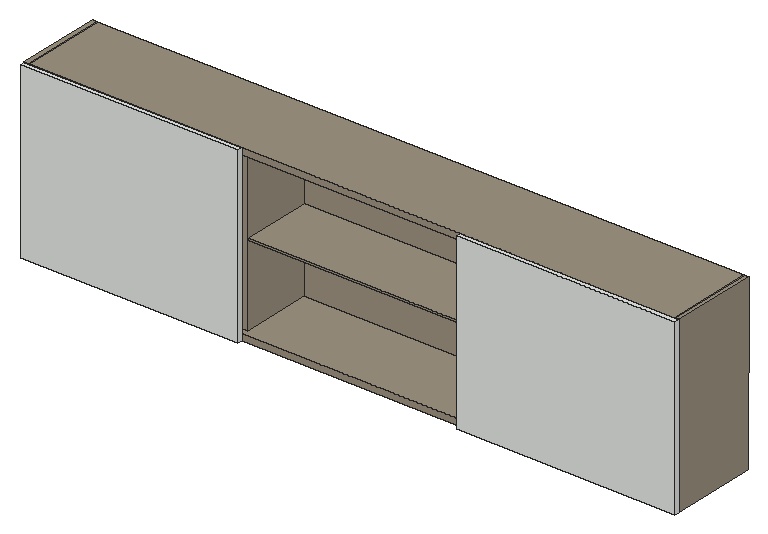
Revit family "Storage-Teknion-COSD_Overhead_Sliding_Door-R2021", category Furniture, Revit 2021
Family settings
  OmniClass Number = 23.40.20.00
  OmniClass Title = General Furniture and Specialties
  Work Plane-Based = No
  Always vertical = Yes
  Cut with Voids When Loaded = No
  Shared = Yes
  Room Calculation Point = No
Parameters (values of type "2H with Knife Visible Shelf Edge")
  Width [instance] = 108.000"
  Warranty = "http://www.teknion.com/ca/papers/legal-canada"
  Unit Weight URL = "http://www.teknion.com/ca/tools/assets#&asset=bee6a381-b954-425e-8283-5a2de3a804f2,f828d448-4b62-4231-9e5f-9a8991c0ed77"
  URL = "www.teknion.com"
  To render please download texture images found here [instance] = "https://assets.teknion.com/web/5e81352c1dfdb467/revit-material-swatches/"
  Sustainability Data = "https://www.teknion.com/ca/tools/assets#&topic=216f99a5-57a0-44fc-b10a-9dee9b29ae4c&asset=444deb64-fe58-4b68-981e-f75e97781df7,b4ff2d81-9f2e-437d-9659-7cffb09c31cf"
  Shelves Finish [instance] = Veneer - Teknion - VN - Brindle
  Series = "Chronicle"  # constant formula
  Product Page URL = "https://www.teknion.com/ca/products/galleries/chronicle-gallery"
  Product Line = "Chronicle"  # constant formula
  Product Documentation Link = "https://www.teknion.com/pricing/chronicle/pdfs/Wall-Mounted_Elements_ppg.pdf"
  Part Number = "COSD"  # constant formula
  Open Shelf Distance [instance] = if(Width = 84.000", Width / 2, Width / 3)  # 36.000"
  Model = "COSD2H15_K"
  Manufacturer Phone = "416-661-3370"  # constant formula
  Manufacturer Fax = "416.661.4586"  # constant formula
  Manufacturer Contact Information = "http://www.teknion.com/ca/contactus"
  Manufacturer Address = "1150 Flint Road, Toronto, ON. M3J 2J5. Canada"  # constant formula
  Manufacturer = "Teknion"  # constant formula
  Knife Shelf Edge = yes
  Knife Shelf Cut out [instance] = if(Knife Shelf Edge, Width, 0.100")  # 108.000"
  Flat Shelf Edge = no
  How To Use Teknion Materials User Guide [instance] = "https://assets.teknion.com/m/205dd0a49fa58060/original/How-to-add-a-Material-Library-and-Texture-Images-to-your-Revit-project.pdf"
  Height = 28.500"
  Front Finish [instance] = Back-Painted Glass - B1 - Teknion - Crisp Grey
  For Additional Finishes please visit [instance] = "https://assets.teknion.com/m/44a8009b046e5d47/original/Teknion_Materials_Library.zip"
  Distance = 8.000"
  Description = "Chronicle Overhead, Sliding Door  , 2H Height with Knife Visible Shelf Edge"
  Default Elevation = 0.000"
  Case Finish [instance] = Veneer - Teknion - Q9 - Mercurial Walnut
  Available Width [instance] = "54,60,66,72,78,84,90,96,102,108 Inch"  # constant formula
  Assembly Code = "E2020200"
  2 Doors [instance] = and(Width > 83.000", Width < 109.000")  # yes
  2H = yes
  1 Door [instance] = Width < 79.000"  # no
Types (4): name | Shelves Finish | Product Page URL | Model | Knife Shelf Edge | Knife Shelf Cut out | Flat Shelf Edge | Height | Front Finish | Distance | Description | Case Finish | 2H
  (no name) | Veneer - Teknion - VN - Brindle | "https://www.teknion.com/ca/products/galleries/chronicle-gallery" | "COSD2H15_K" | yes | 108.000" | no | 28.500" | Back-Painted Glass - B1 - Teknion - Crisp Grey | 8.000" | "Chronicle Overhead, Sliding Door  , 2H Height with Knife Visible Shelf Edge" | Veneer - Teknion - Q9 - Mercurial Walnut | yes
  1H | Veneer - Teknion - VK - Auburn | "https://www.teknion.com/ca/products/product-details?productLineId=2302c16f-8e7a-673b-a6c8-ff05004460c4" | "COSD1H15_" | no | 0.100" | no | 14.750" | Veneer - Teknion - 5N - Flintwood - White Oak | 5.000" | "Chronicle Overhead, Sliding Door  , 1H Height" | Veneer - Teknion - VN - Brindle | no
  2H with Flat Visible Shelf Edge | Veneer -Teknion - UX - Rustic Oak - Brindle | "https://www.teknion.com/ca/products/product-details?productLineId=2302c16f-8e7a-673b-a6c8-ff05004460c4" | "COSD2H15_F" | no | 0.100" | yes | 28.500" | Back-painted Glass - K7 - Teknion - Very White | 8.000" | "Chronicle Overhead, Sliding Door  , 2H Height with Flat Visible Shelf Edge" | Veneer - Teknion - Q9 - Mercurial Walnut | yes
  2H with Knife Visible Shelf Edge | Veneer - Teknion - VN - Brindle | "https://www.teknion.com/ca/products/galleries/chronicle-gallery" | "COSD2H15_K" | yes | 108.000" | no | 28.500" | Back-Painted Glass - B1 - Teknion - Crisp Grey | 8.000" | "Chronicle Overhead, Sliding Door  , 2H Height with Knife Visible Shelf Edge" | Veneer - Teknion - Q9 - Mercurial Walnut | yes
Reference planes (in)
  plane 1 "Center Front/Back": y = -1357.5
  plane 2: z = 0
  plane 3 "Center Left/Right": x = 1104
  plane 4 "Left": x = 1050
  plane 5 "Right": x = 1158
  plane 6 "Back": y = -1350
  plane 7 "Front": y = -1365
  plane 8 "Top": z = 84
  plane 9: z = 55.5
  plane 10: x = 1086
  plane 11: x = 1122
Forms (in)
  Sweep 1, solid, material "Veneer - Teknion - Q9 - Mercurial Walnut" <- "Case Finish"
    path origin (0, -1357.5, 0) x (1, 0, 0) y (0, 0, 1)
      loop
        line (1104, 84) -> (1104, 82.96063)
    profile origin (1104, -1357.5, 83.48031) x (0, -1, 0) y (1, 0, 0)
      loop
        line (-7.5, -53.27559) -> (6.65748, -53.27559) -> (6.65748, 53.27559) -> (-7.5, 53.27559) -> (-7.5, -53.27559)
  Sweep 2, solid, material "Veneer - Teknion - Q9 - Mercurial Walnut" <- "Case Finish"
    path origin (0, -1357.5, -27.46063) x (1, 0, 0) y (0, 0, 1)
      loop
        line (1104, 84) -> (1104, 82.96063)
    profile origin (1104, -1357.5, 56.01969) x (0, -1, 0) y (1, 0, 0)
      loop
        line (-7.5, -53.27559) -> (6.65748, -53.27559) -> (6.65748, 53.27559) -> (-7.5, 53.27559) -> (-7.5, -53.27559)
  Sweep 3, solid, material "Veneer - Teknion - Q9 - Mercurial Walnut" <- "Case Finish"
    path origin (1104, 0, 0) x (0, 1, 0) y (0, 0, 1)
      loop
        line (-1357.5, 84) -> (-1357.5, 55.5)
    profile origin (1104, -1357.5, 69.75) x (1, 0, 0) y (0, 1, 0)
      loop
        line (-54, 7.5) -> (-54, -6.65748) -> (-53.27559, -6.65748) -> (-53.27559, 7.5) -> (-54, 7.5)
      loop
        line (54, 7.5) -> (53.27559, 7.5) -> (53.27559, -6.65748) -> (54, -6.65748) -> (54, 7.5)
  Sweep 4, solid, material "Veneer - Teknion - Q9 - Mercurial Walnut" <- "Case Finish"
    path origin (0, -1357.5, 0) x (1, 0, 0) y (0, 0, 1)
      loop
        line (1104, 82.96063) -> (1104, 56.53937)
    profile origin (1104, -1357.5, 69.75) x (0, -1, 0) y (1, 0, 0)
      loop
        line (-6.75, -53.27559) -> (-6.02559, -53.27559) -> (-6.02559, 53.27559) -> (-6.75, 53.27559) -> (-6.75, -53.27559)
  Sweep 5, solid, material "Veneer - Teknion - Q9 - Mercurial Walnut" <- "Case Finish"
    path origin (0, 0, 0) x (1, 0, 0) y (0, 1, 0)
      loop
        line (1051.72441, -1350) -> (1156.27559, -1350)
    profile origin (1104, -1350, 0) x (0, 1, 0) y (0, 0, 1)
      loop
        line (-0.75, 82.96063) -> (-0.75, 74.96063) -> (0, 74.96063) -> (0, 82.96063) -> (-0.75, 82.96063)
      loop
        line (-0.75, 64.53937) -> (-0.75, 56.53937) -> (0, 56.53937) -> (0, 64.53937) -> (-0.75, 64.53937)
  Sweep 6, solid, material "Veneer - Teknion - Q9 - Mercurial Walnut" <- "Case Finish", visible <- "2 Doors"
    path origin (0, 0, 0) x (1, 0, 0) y (0, 1, 0)
      loop
        line (1086, -1351.47441) -> (1086, -1363.15748)
    profile origin (1086, -1357.31594, 0) x (1, 0, 0) y (0, 0, 1)
      loop
        line (-0.72441, 82.96063) -> (-0.72441, 56.53937) -> (0, 56.53937) -> (0, 82.96063) -> (-0.72441, 82.96063)
  Sweep 7, solid, material "Veneer - Teknion - Q9 - Mercurial Walnut" <- "Case Finish", visible <- "2 Doors"
    path origin (36, 0, 0) x (1, 0, 0) y (0, 1, 0)
      loop
        line (1086, -1351.47441) -> (1086, -1363.15748)
    profile origin (1122, -1357.31594, 0) x (1, 0, 0) y (0, 0, 1)
      loop
        line (0, 82.96063) -> (0, 56.53937) -> (0.72441, 56.53937) -> (0.72441, 82.96063) -> (0, 82.96063)
  Sweep 8, solid, material "Veneer - Teknion - Q9 - Mercurial Walnut" <- "Case Finish", visible <- "2H"
    path origin (0, -1357.5, 0) x (1, 0, 0) y (0, 0, 1)
      loop
        line (1104, 70.26969) -> (1104, 69.23031)
    profile origin (1104, -1357.5, 69.75) x (0, -1, 0) y (1, 0, 0)
      loop
        line (-6.02559, -53.27559) -> (5.65748, -53.27559) -> (5.65748, 53.27559) -> (-6.02559, 53.27559) -> (-6.02559, -53.27559)
  Sweep 9, solid, material "Back-Painted Glass - B1 - Teknion - Crisp Grey" <- "Front Finish", visible <- "1 Door"
    path origin (0, -1357.5, 0) x (1, 0, 0) y (0, 0, 1)
      loop
        line (1104, 84) -> (1104, 55.5)
    profile origin (1104, -1357.5, 69.75) x (0, -1, 0) y (1, 0, 0)
      loop
        line (6.77559, -53.96063) -> (7.5, -53.96063) -> (7.5, 0.32283) -> (6.77559, 0.32283) -> (6.77559, -53.96063)
  Sweep 10, solid, material "Back-Painted Glass - B1 - Teknion - Crisp Grey" <- "Front Finish", visible <- "2 Doors"
    path origin (0, -1357.5, 0) x (1, 0, 0) y (0, 0, 1)
      loop
        line (1104, 84) -> (1104, 55.5)
    profile origin (1104, -1357.5, 69.75) x (0, -1, 0) y (1, 0, 0)
      loop
        line (7.5, -53.96063) -> (7.5, -18.03937) -> (6.77559, -18.03937) -> (6.77559, -53.96063) -> (7.5, -53.96063)
      loop
        line (7.5, 53.96063) -> (6.77559, 53.96063) -> (6.77559, 18.03937) -> (7.5, 18.03937) -> (7.5, 53.96063)
  Sweep 11, solid, material "Veneer - Teknion - Q9 - Mercurial Walnut" <- "Case Finish", visible <- "1 Door"
    path origin (31.1378, 0, 0) x (1, 0, 0) y (0, 1, 0)
      loop
        line (1072.8622, -1351.47441) -> (1072.8622, -1363.15748)
    profile origin (1104, -1357.31594, 0) x (1, 0, 0) y (0, 0, 1)
      loop
        line (-0.3622, 82.96063) -> (-0.3622, 56.53937) -> (0.3622, 56.53937) -> (0.3622, 82.96063) -> (-0.3622, 82.96063)
  Sweep 12, void
    path origin (0, 0, 0) x (1, 0, 0) y (0, 1, 0)
      loop
        line (1050, -1363.15748) -> (1158, -1363.15748)
    profile origin (1104, -1363.15748, 0) x (0, 1, 0) y (0, 0, 1)
      loop
        line (0, 69.92186) -> (0, 69.23031) -> (1.9, 69.23031) -> (0, 69.92186)
Cuts and joins
  Sweep 12 cuts Sweep 8
Lines and regions (in)
  Masking region 1
    outline origin (0, 0, 0) x (1, 0, 0) y (0, 1, 0)
      loop
        line (1050, -1350) -> (1050, -1364.15748) -> (1158, -1364.15748) -> (1158, -1350) -> (1050, -1350)
  Masking region 2, visible <- "2 Doors"
    outline origin (0, 0, 0) x (1, 0, 0) y (0, 1, 0)
      loop
        line (1085.96063, -1364.27559) -> (1050.03937, -1364.27559) -> (1050.03937, -1365) -> (1085.96063, -1365) -> (1085.96063, -1364.27559)
      loop
        line (1157.96063, -1364.27559) -> (1122.03937, -1364.27559) -> (1122.03937, -1365) -> (1157.96063, -1365) -> (1157.96063, -1364.27559)
  Masking region 3, visible <- "1 Door"
    outline origin (0, 0, 0) x (1, 0, 0) y (0, 1, 0)
      loop
        line (1104.32283, -1365) -> (1104.32283, -1364.27559) -> (1050.03937, -1364.27559) -> (1050.03937, -1365) -> (1104.32283, -1365)
  symbolic lines
    curve 1: line (1050.72441, -1364.15748, 0) -> (1050.72441, -1350, 0)
    curve 2: line (1157.27559, -1350, 0) -> (1157.27559, -1364.15748, 0)
  symbolic lines, style "FurnitureHiddenLines", detail levels medium+fine
    curve 3: line (1051.72441, -1350.75, 0) -> (1051.72441, -1350, 0)
    curve 4: line (1157.27559, -1350.75, 0) -> (1050.72441, -1350.75, 0)
    curve 5: line (1050.72441, -1351.47441, 0) -> (1157.27559, -1351.47441, 0)
    curve 6: line (1156.27559, -1350.75, 0) -> (1156.27559, -1350, 0)
  symbolic lines, style "FurnitureHiddenLines", visible <- "2 Doors", detail levels medium+fine
    curve 7: line (1085.27559, -1351.47441, 0) -> (1085.27559, -1364.15748, 0)
    curve 8: line (1086, -1364.15748, 0) -> (1086, -1351.47441, 0)
    curve 9: line (1122, -1351.47441, 0) -> (1122, -1364.15748, 0)
    curve 10: line (1122.72441, -1364.15748, 0) -> (1122.72441, -1351.47441, 0)
  symbolic lines, style "FurnitureHiddenLines", visible <- "2H", detail levels medium+fine
    curve 11: line (1050.72441, -1363.15748, 0) -> (1085.27559, -1363.15748, 0)
    curve 19: line (1086, -1363.15748, 0) -> (1122, -1363.15748, 0)
    curve 22: line (1122.72441, -1363.15748, 0) -> (1157.27559, -1363.15748, 0)
  reference lines
    curve 12: line (1050, -1350, 0) -> (1050, -1365, 0)
    curve 13: line (1050, -1365, 0) -> (1158, -1365, 0)
    curve 14: line (1050, -1350, 0) -> (1158, -1350, 0)
    curve 15: line (1158, -1350, 0) -> (1158, -1365, 0)
  symbolic lines, style "FurnitureHiddenLines", visible <- "1 Door", detail levels medium+fine
    curve 16: line (1103.6378, -1351.47441, 0) -> (1103.6378, -1363.15748, 0)
    curve 17: line (1104.3622, -1363.15748, 0) -> (1104.3622, -1351.47441, 0)
    curve 23: line (1103.6378, -1363.15748, 0) -> (1104.3622, -1363.15748, 0)
  symbolic lines, style "FurnitureHiddenLines", visible <- "Knife Shelf Edge", detail levels fine
    curve 18: line (1157.27559, -1361.25748, 0) -> (1122.72441, -1361.25748, 0)
    curve 20: line (1085.27559, -1361.25748, 0) -> (1050.72441, -1361.25748, 0)
    curve 21: line (1122, -1361.25748, 0) -> (1086, -1361.25748, 0)
Dimensions and locks (in)
  "Width": plane 4 "Left" to plane 5 "Right"
  locked: plane 6 "Back" to plane 7 "Front" at 15
  plane 8 "Top" to level = 84.000"
  equal spacing: plane 6 "Back", plane 1 "Center Front/Back", plane 7 "Front"
  "Height": plane 8 "Top" to plane 9
  locked: Sweep 1 sketch curve to Sweep 1 sketch curve at 1.03937
  locked: plane 4 "Left" to Sweep 1 sketch curve at 0.72441
  locked: Sweep 1 sketch curve to plane 5 "Right" at 0.72441
  locked: Sweep 1 sketch curve to Sweep 1 sketch curve at 14.15748
  locked: Sweep 2 sketch curve to Sweep 2 sketch curve at 1.03937
  locked: Sweep 2 sketch curve to Sweep 2 sketch curve at 14.15748
  locked: Sweep 1 to plane 5 "Right" at 0.72441
  locked: plane 4 "Left" to Sweep 1 at 0.72441
  locked: Sweep 4 sketch curve to Sweep 4 sketch curve at 0.72441
  locked: plane 6 "Back" to Sweep 4 sketch curve at 0.75
  locked: plane 4 "Left" to Sweep 5 sketch curve at 1.72441
  locked: Sweep 5 sketch curve to plane 5 "Right" at 1.72441
  locked: Sweep 8 sketch curve to Sweep 4 at 11.68307
  locked: plane 9 to plane 2 at 55.5
  plane 8 "Top" to Sweep 8 sketch curve to Sweep 8 sketch curve = 13.73031" locked, 1.03937" locked
  "Distance": Sweep 5 sketch curve to Sweep 5 sketch curve  (x2)
  locked: Sweep 6 sketch curve to Sweep 6 sketch curve at 0.72441
  locked: Sweep 7 sketch curve to Sweep 7 sketch curve at 0.72441
  locked: Sweep 9 sketch curve to Sweep 9 sketch curve at 0.72441
  locked: plane 4 "Left" to Sweep 9 sketch curve at 0.03937
  locked: Sweep 10 sketch curve to Sweep 10 sketch curve at 0.72441  (x2)
  locked: Sweep 10 sketch curve to plane 5 "Right" at 0.03937
  locked: plane 4 "Left" to Sweep 10 sketch curve at 0.03937
  locked: Sweep 11 sketch curve to Sweep 11 sketch curve at 0.72441
  locked: Sweep 10 sketch curve to plane 10 at 0.03937
  locked: plane 11 to Sweep 10 sketch curve at 0.03937
  equal spacing: plane 4 "Left", plane 3 "Center Left/Right", plane 5 "Right"
  "Knife Shelf Cut out": Sweep 12 sketch curve to Sweep 12 sketch curve
  equal spacing: plane 10, plane 3 "Center Left/Right", plane 11
  "Open Shelf Distance": plane 10 to plane 11
  aligned and locked: level to plane 2
  aligned and locked: plane 8 "Top" to Sweep 1 sketch curve
  aligned and locked: Sweep 1 sketch curve to plane 3 "Center Left/Right"
  aligned and locked: Sweep 1 sketch curve to plane 6 "Back"
  aligned and locked: plane 9 to Sweep 2 sketch curve
  aligned and locked: Sweep 2 sketch curve to plane 3 "Center Left/Right"
  aligned and locked: Sweep 2 sketch curve to plane 6 "Back"
  aligned and locked: plane 1 "Center Front/Back" to Sweep 3 sketch curve
  aligned and locked: plane 8 "Top" to Sweep 3 sketch curve
  aligned and locked: plane 9 to Sweep 3 sketch curve
  aligned and locked: plane 4 "Left" to Sweep 3 sketch curve
  aligned and locked: Sweep 3 sketch curve to plane 6 "Back"
  aligned and locked: plane 6 "Back" to Sweep 3 sketch curve
  aligned and locked: Sweep 3 sketch curve to Sweep 1  (x3)
  aligned and locked: Sweep 1 to Sweep 3 sketch curve
  aligned and locked: Sweep 2 sketch curve to Sweep 3  (x2)
  aligned and locked: Sweep 4 sketch curve to plane 3 "Center Left/Right"
  aligned and locked: Sweep 2 to Sweep 4 sketch curve
  aligned and locked: Sweep 1 to Sweep 4 sketch curve  (x2)
  aligned and locked: Sweep 3 to Sweep 4 sketch curve
  aligned and locked: Sweep 5 sketch curve to plane 6 "Back"  (x3)
  aligned and locked: Sweep 1 to Sweep 5 sketch curve
  aligned and locked: Sweep 4 to Sweep 5 sketch curve
  aligned and locked: Sweep 5 sketch curve to Sweep 4
  aligned and locked: Sweep 5 sketch curve to Sweep 2
  aligned and locked: Sweep 6 sketch curve to plane 10  (x2)
  aligned and locked: Sweep 4 to Sweep 6 sketch curve
  aligned and locked: Sweep 1 to Sweep 6 sketch curve
  aligned and locked: Sweep 6 sketch curve to Sweep 2
  aligned and locked: Sweep 4 to Sweep 7 sketch curve
  aligned and locked: plane 11 to Sweep 7 sketch curve
  aligned and locked: Sweep 7 sketch curve to Sweep 2
  aligned and locked: Sweep 1 to Sweep 7 sketch curve
  aligned and locked: Sweep 8 sketch curve to plane 3 "Center Left/Right"
  aligned and locked: Sweep 3 to Sweep 8 sketch curve  (x2)
  aligned and locked: Sweep 8 sketch curve to Sweep 4
  aligned and locked: Masking region 1 sketch curve to Sweep 3  (x2)
  aligned and locked: Masking region 1 sketch curve to Sweep 1  (x2)
  aligned and locked: curve 1 to Sweep 3
  aligned and locked: curve 2 to Sweep 3
  aligned and locked: curve 3 to Sweep 5
  aligned and locked: curve 4 to Sweep 4
  aligned and locked: curve 5 to Sweep 4
  aligned and locked: curve 6 to Sweep 5
  aligned and locked: curve 7 to Sweep 6
  aligned and locked: curve 9 to Sweep 7
  aligned and locked: curve 10 to Sweep 7
  aligned and locked: curve 11 to Sweep 8
  aligned and locked: curve 12 to plane 4 "Left"
  aligned and locked: plane 7 "Front" to curve 13
  aligned and locked: curve 14 to plane 6 "Back"
  aligned and locked: curve 15 to plane 5 "Right"
  aligned and locked: Sweep 7 sketch curve to plane 11
  aligned and locked: Sweep 9 sketch curve to plane 3 "Center Left/Right"
  aligned and locked: plane 9 to Sweep 9 sketch curve
  aligned and locked: plane 8 "Top" to Sweep 9 sketch curve
  aligned and locked: Sweep 9 sketch curve to plane 7 "Front"
  aligned and locked: Sweep 10 sketch curve to plane 3 "Center Left/Right"
  aligned and locked: plane 9 to Sweep 10 sketch curve
  aligned and locked: plane 8 "Top" to Sweep 10 sketch curve
  aligned and locked: plane 7 "Front" to Sweep 10 sketch curve
  aligned and locked: plane 3 "Center Left/Right" to nested 3
  aligned and locked: plane 1 "Center Front/Back" to nested 3
  aligned and locked: nested 2 to plane 6 "Back"
  aligned and locked: nested 2 to plane 5 "Right"
  aligned and locked: plane 4 "Left" to nested 1
  aligned and locked: nested 1 to plane 6 "Back"
  aligned and locked: Sweep 11 sketch curve to plane 3 "Center Left/Right"
  aligned and locked: Sweep 4 to Sweep 11 sketch curve
  aligned and locked: Sweep 1 to Sweep 11 sketch curve
  aligned and locked: Sweep 11 sketch curve to Sweep 2
  aligned and locked: Sweep 12 sketch curve to Sweep 8  (x2)
  aligned and locked: plane 4 "Left" to Sweep 12 sketch curve
  aligned and locked: Sweep 11 to Sweep 12 sketch curve
  aligned and locked: Masking region 2 sketch curve to Sweep 10  (x7)
  aligned and locked: Masking region 3 sketch curve to Sweep 9  (x3)
  aligned and locked: Masking region 3 sketch curve to Sweep 10
  aligned and locked: curve 16 to Sweep 11
  aligned and locked: curve 17 to Sweep 11
  aligned and locked: curve 18 to cut or joined group of Sweep 8, Sweep 12
  aligned and locked: Sweep 6 to curve 21
  aligned and locked: Sweep 7 to curve 21
  aligned and locked: curve 23 to Sweep 11
  aligned and locked: cut or joined group of Sweep 8, Sweep 12 to Sweep 6 sketch curve
  aligned and locked: cut or joined group of Sweep 8, Sweep 12 to Sweep 7 sketch curve
Automatic sketch dimensions
  Sweep 3 sketch curve to Sweep 3 sketch curve = 0.72441"
  Sweep 9 sketch curve to profile plane = 0.32283"
  profile plane to Sweep 11 sketch curve = 0.3622"
  plane 1 "Center Front/Back" to Sweep 10 sketch curve = 6.77559"
  Sweep 11 sketch curve to plane 7 "Front" = 1.84252"
  Sweep 12 sketch curve to profile plane = 1.900"
  Sweep 12 sketch curve to Sweep 12 sketch curve = 0.69154"
  plane 4 "Left" to Masking region 2 sketch curve = 0.03937"
  curve 1 to plane 6 "Back" = 0.000"
  curve 2 to plane 6 "Back" = 0.000"
  curve 3 to plane 6 "Back" = 0.000"
  curve 6 to plane 6 "Back" = 0.000"
  curve 7 to plane 7 "Front" = 0.84252"
  curve 7 to curve 8 = 0.000"
  curve 2 to plane 7 "Front" = 0.84252"
  curve 9 to plane 7 "Front" = 0.84252"
  curve 9 to curve 10 = 0.000"
  curve 1 to plane 7 "Front" = 0.84252"
  curve 19 to curve 22 = 0.000"
  curve 11 to curve 20 = 1.900"
  curve 21 to curve 18 = 0.000"
  curve 23 to curve 17 = 0.000"  (x2)
Nested families (in)
  nested 1: "Teknion_2D_Node_Family-R2016" at (1050, -1350, 0), type "Teknion_2D_Node_Family-R2016"
  nested 2: "Teknion_2D_Node_Family-R2016" at (1158, -1350, 0), type "Teknion_2D_Node_Family-R2016"
  nested 3: "Teknion_2D_Node_Family-R2016" at (1104, -1357.5, 0), type "Teknion_2D_Node_Family-R2016"
Definition of nested family "Teknion_2D_Node_Family-R2016"
  Reference planes (in)
    plane 1 "Center (Front/Back)": y = 0
    plane 2: z = 0
    plane 3 "Center (Left/Right)": x = 0
  Lines and regions (in)
    detail lines, in view "Ref. Level"
      curve 1: circle (0, 0, 0) r 1.25 normal (0, 0, 1)
      curve 2: line (1.91508, -1.91508, 0) -> (-1.91508, 1.91508, 0)
      curve 3: line (-1.91508, -1.91508, 0) -> (1.91508, 1.91508, 0)
